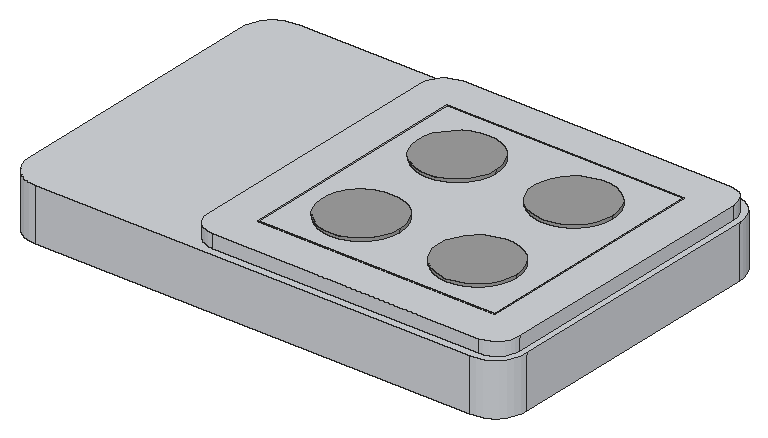
Revit family "LigULing-Industrial-GEWISS-SMART[4]UL_HIGHBAYS-LED_1M", category Apparecchi per illuminazione, Revit 2019
Family settings
  Quota connettore circolare = Usa diametro
  Tipo di parte = Normale
  Numero OmniClass = 23.80.00.00
  Titolo OmniClass = Electric Power and Lighting
  Basato su piano di lavoro = Sì
  Sempre verticale = No
  Taglio con vuoti quando caricato = No
  Sorgente d'illuminazione = No
  Condiviso = No
  Punto di calcolo locali = No
Parameters (values of type "GWS4120GP857 - SMART4LB 1M ST.AL.ON/OFF UL 90° 57K")
  Wiring = "Single wiring with anti-breathing cable exiting metallic PG (NO Connector)"
  Weight (kg): = "3,5"
  Warranty = "5 years"
  Voltaggio = 230 V
  Vetro acceso = Lampada accesa
  Version file RFA = "20.11"
  Unique digital code (Datamatrix) = "Datamatrix"
  Unified Glare Rating = "UGR - 25"
  URL = "https://www.gewiss.com/ww/en"
  Type of light source = "LED - Not replaceable"
  Tilt- = "With bracket accessory"
  Technical sheet = "https://www.gewiss.com/ww/en/search?q=GWS4120GP857"
  System power = "65W"
  Supply voltage = "120-277 V"
  Stocking temperature = "-"
  Standards and approvals = "-"
  Standard- = "UL 1598 - CSA C22.2 No. 250.0-18"
  Standard Deviation Colour Matching = "SDCM = 3"
  Spostamento_Y_etichetta [instance] = 0 mm
  Spostamento_Y_effettivo_etichetta [instance] = 1500 mm - Spostamento_Y_etichetta  # 1500 mm
  Spostamento_X_etichetta [instance] = 0 mm
  Spostamento_X_effettivo_etichetta [instance] = 1500 mm - Spostamento_X_etichetta  # 1500 mm
  Shock resistance = "IK08"
  Shield type = "Tempered glass Thickness 4mm"
  SEO = ""
  Realized by GEWISS S.p.A. = ""
  Rated frequency (Hz) = "50/60 Hz"
  Produttore = "GEWISS S.p.A."
  Photobiological Risk Class = "RG0"
  Overvoltage protection = "DM 6 kV / CM 10 kV"
  Optic and illuminating features = "-"
  Optic Maintenance = "Non-replaceable"
  Optic : = "Metallic PC reflector and PMMA lenses"
  Optic = "90°"
  Operating temperature : = "-25°C / +40 °C"
  Offset etichetta W [instance] = 120 mm
  Mouting and installation = "Ceiling - Wallmounting - Suspension"
  Model = "GWS4120GP857"
  Maximum surface exposed to the wind : = "0,097 m²"
  Materials = "-"
  Luminaire = "LED Industrial Reflector "
  Lumen output (lm) = "9100"
  Locking Hook = "-"
  Lifetime = "L90B10 (Tq+25°C) = 100.000 h - L90B10 (Tq+40°C) = 50.000 h"
  Lampada = "LED"
  LED Maintenance = "Non-replaceable"
  Insulation class = "I"
  Installationa and maintenance = "-"
  Immagine tipo = GWL1071.jpg
  IPEA = "-"
  IP degree = "IP66"
  IFC.TypeObject = ""
  IFC.ExportType = ""
  IFC.ExportAs = ""
  IDT = "510f01894ba548e3aae17db348ab79c9"
  IDF = "71f814ec-73e0-404d-83ff-d37e06ec48dc"
  Glow Wire Test : = "850 °C"
  General information = "-"
  Gasket = "anti-aging silicone"
  Fixing = "-"
  External screw = "Stainless steel"
  Etichetta wattaggio [instance] = yes
  Default Elevation = 1219.2 mm
  Trasformatore = none
  Spessore plafoniera = 40 mm  # constant formula
  Proiettsmart [instance] = yes
  Raggio led = 30 mm  # constant formula
  Plafoniera = none
  Eletrical and lighting features = "-"
  Electrocod = "2444"
  Efficiency (lm/W) = "140"
  Driver Box = "Built-in"
  Driver = "Included"
  Device with reduced surface temperature = "Yes"
  Description = "SMART[4]LB 1M ST.AL.ON/OFF UL 90° 57K"
  DIN 18032-3 certification = "-"
  Control System : = "ON / OFF"
  Control System = "ON / OFF"
  Context = "Logistics and industrial manufacturing lighting"
  Commenti sul wattaggio = "50W"
  Colour temperature = "5700K"
  Colour : = "Grey RAL 7035"
  Colour = "Grey RAL 7035"
  Color Rendering Index = "CRI-80"
  Classificazione = Lighting
  Classification: = "-"
  Catalogue = "LIGHTING"
  Carico apparente = 50 VA
  Motore = none
  Lunghezza = 383 mm  # constant formula
  Larghezza = 253 mm  # constant formula
  Distanza tot_plafoniera = 74 mm  # constant formula
  Dettaglio bidimensionale attivo [instance] = not(Proiettsmart)  # no
  COBie.Tagnumber = ""
  COBie.CreatedOn = ""
  COBie.CreatebBy = ""
  COBie.ComponentRegisterItemID = ""
  COBie.Component.TagNumber = ""
  COBie.Component.Space = ""
  COBie.Component.SerialNumber = ""
  COBie.Component.InstallationDate = ""
  COBie.Component.Description = ""
  COBie.Component.BarCode = ""
  Body = "PA6 \"Halogen Free\" loaded fibreglass"
  Application = "Internal"
Types (6, lengths in mm): name | Unified Glare Rating | Technical sheet | SEO | Optic : | Optic | Model | Lumen output (lm) | IDT | Efficiency (lm/W) | Description | Colour temperature
  GWS4120GH840 - SMART4LB 1M ST.AL.ON/OFF UL 60° 40K | "UGR - 25" | "https://www.gewiss.com/ww/en/search?q=GWS4120GH840" | "" | "Metallic PC reflector and PMMA lenses" | "60°" | "GWS4120GH840" | "9000" | "ebd1c6c3f79b442cb0017b978c53287d" | "138" | "SMART[4]LB 1M ST.AL.ON/OFF UL 60° 40K" | "4000K"
  GWS4120GH857 - SMART4LB 1M ST.AL.ON/OFF UL 60° 57K | "UGR - 25" | "https://www.gewiss.com/ww/en/search?q=GWS4120GH857" | "" | "Metallic PC reflector and PMMA lenses" | "60°" | "GWS4120GH857" | "9000" | "7e41ab3992744e638de87d18b71cdc15" | "138" | "SMART[4]LB 1M ST.AL.ON/OFF UL 60° 57K" | "5700K"
  GWS4120GP840 - SMART4LB 1M ST.AL.ON/OFF UL 90° 40K | "UGR - 25" | "https://www.gewiss.com/ww/en/search?q=GWS4120GP840" | "" | "Metallic PC reflector and PMMA lenses" | "90°" | "GWS4120GP840" | "9100" | "4c23139a13e449859e34885c36cde3e1" | "140" | "SMART[4]LB 1M ST.AL.ON/OFF UL 90° 40K" | "4000K"
  GWS4120GP857 - SMART4LB 1M ST.AL.ON/OFF UL 90° 57K | "UGR - 25" | "https://www.gewiss.com/ww/en/search?q=GWS4120GP857" | "" | "Metallic PC reflector and PMMA lenses" | "90°" | "GWS4120GP857" | "9100" | "510f01894ba548e3aae17db348ab79c9" | "140" | "SMART[4]LB 1M ST.AL.ON/OFF UL 90° 57K" | "5700K"
  GWS4120GA840 - SMART4LB 1M ST.AL.ON/OFF UL ARR.40K | "-" | "https://www.gewiss.com/ww/en/search?q=GWS4120GA840" | "Low bay" | "Metallized polycarbonate reflector" | "Array" | "GWS4120GA840" | "8900" | "d106dacd27c24dfc9d8a4d950c89b820" | "137" | "SMART[4]LB 1M ST.AL.ON/OFF UL ARR.40K" | "4000K"
  GWS4120GA857 - SMART4LB 1M ST.AL.ON/OFF UL ARR.57K | "-" | "https://www.gewiss.com/ww/en/search?q=GWS4120GA857" | "Low bay" | "Metallized polycarbonate reflector" | "Array" | "GWS4120GA857" | "8900" | "d6e915abd97841d0a3fdcc84bbd4b3bc" | "137" | "SMART[4]LB 1M ST.AL.ON/OFF UL ARR.57K" | "5700K"
Reference planes
  plane 1 "Centro (Fronte/Retro)": y = 0
  plane 2: z = 0
  plane 3 "Centro (Sinistra/Destra)": x = 0
  plane 4: x = -191.5
  plane 5: y = 126.5
  plane 6: x = 191.5
  plane 7: y = -126.5
  plane 8: z = -74
  plane 9: x = -175.5
  plane 10: y = -110.5
  plane 11: y = 110.5
  plane 12: x = -60.5
  plane 13: y = 121.5
  plane 14: x = 186.5
  plane 15: y = -120
  plane 16: z = 74
  plane 17: z = 84
  plane 18: z = 86
  plane 19: x = -1500
  plane 20: y = -1500
  plane 21: x = 0
  plane 22: y = 0
Dimensions and locks
  equal spacing: plane 5, plane 1 "Centro (Fronte/Retro)", plane 7
  equal spacing: plane 4, plane 3 "Centro (Sinistra/Destra)", plane 6
  "Lunghezza": plane 4 to plane 6
  "Larghezza": plane 5 to plane 7
  locked: plane 14 to plane 6 at 5
  locked: plane 5 to plane 13 at 5
  nested 3 to plane 8 = 133.058 mm
  locked: plane 4 to plane 9 at 16
  "Offset etichetta W": plane 1 "Centro (Fronte/Retro)" to plane 15
  "Distanza tot_plafoniera": plane 16 to level
  locked: plane 18 to plane 17 at 2
  plane 19 to plane 3 "Centro (Sinistra/Destra)" = 1500 mm
  plane 1 "Centro (Fronte/Retro)" to plane 20 = 1500 mm
  "Spostamento_Y_effettivo_etichetta": plane 22 to plane 20
  "Spostamento_X_effettivo_etichetta": plane 19 to plane 21
  aligned and locked: level to plane 2
  aligned and locked: plane 4 to nested 1
  aligned and locked: plane 6 to nested 1
  aligned and locked: plane 5 to nested 1
  aligned and locked: plane 7 to nested 1
  aligned and locked: plane 14 to nested 2
  aligned and locked: plane 1 "Centro (Fronte/Retro)" to nested 10
  aligned and locked: nested 3 to plane 2
  aligned and locked: plane 16 to nested 1
  aligned and locked: plane 1 "Centro (Fronte/Retro)" to nested 8
  aligned and locked: plane 1 "Centro (Fronte/Retro)" to nested 1
  aligned and locked: plane 1 "Centro (Fronte/Retro)" to nested 2
  aligned and locked: nested 2 to plane 16
  aligned and locked: nested 4 to plane 18
  aligned and locked: plane 18 to nested 6
  aligned and locked: nested 7 to plane 18
  aligned and locked: plane 18 to nested 5
  aligned and locked: nested 9 to plane 22
  aligned and locked: plane 21 to nested 9
Nested families
  nested 1: "Struttura_SMART[4] LB - 2+2 L" at (0, 0, 74), type "SMART Lab (4) 4L"
  nested 2: "mascherina_SMART (4)" at (66.5, 0, 84), type "Maschera_smart (4) 4L", detail levels medium+fine
  nested 3: "Staffa SMART LAB 4" at (65, -20, 59.058) x (0, 1, 0) z (0, 0, -1), type "Staffa SMART LAB 4", detail levels medium+fine
  nested 4: "Gewis - Led" at (20.25, 44.75, 86), type "Gewis - Led", detail levels fine
  nested 5: "Gewis - Led" at (109.75, 44.75, 86) x (-1, 0, 0) z (0, 0, 1), type "Gewis - Led", detail levels fine
  nested 6: "Gewis - Led" at (20.25, -47.75, 86), type "Gewis - Led", detail levels fine
  nested 7: "Gewis - Led" at (109.75, -47.75, 86) x (-1, 0, 0) z (0, 0, 1), type "Gewis - Led", detail levels fine
  nested 8: "Rappr_bidimensionale_SMART[4] LB 4L" at (40, 0, 0), visible <- "Dettaglio bidimensionale attivo", type "SMART[4] LB 4L_bidimensionalerfa"
  nested 9: "ETICHETTA LIGHT" at (0, 0, 0), visible <- "Etichetta wattaggio", type "ETICHETTA LIGHT"
  nested 10: "PROIETTSMART " at (-32.162, 0, 0), visible <- "Proiettsmart", type "PROIETTSMART "
Connectors
  electrical at (0.009, -0.098, 34), driven by "Classificazione", driven by "Carico apparente"
    settings: on nested 1, index 1, voltage 230 V, apparent load 0 VA, apparent load phase1 50 VA, apparent load phase2 0 VA, apparent load phase3 0 VA, power factor 1, load classification "Lighting", number of poles 2, system type 31, power factor state 1, is connector primary yes, connector utility no, sub classification motor no, connector description ""
Definition of nested family "Struttura_SMART[4] LB - 2+2 L"
  Parameters (values of type "SMART Lab (4) 4L")
    Struttura plafoniera = none
    Spessore_plafoniera = 40 mm
    Lunghezza = 383 mm
    Larghezza = 253 mm
  Reference planes
    plane 1 "Asse sorgente illuminazione (F/B)": y = 0
    plane 2: z = 0
    plane 3 "Asse sorgente illuminazione (L/R)": x = 0
    plane 4 "Prospetto sorgente di illuminazione": z = -40
    plane 5 "SX": x = -191.5
    plane 6 "DX": x = 191.5
    plane 7 "DIETRO": y = 126.5
    plane 8 "AVANTI": y = -126.5
    plane 9: x = -51.5
    plane 10: x = 180.5
    plane 11: y = -115.5
    plane 12: y = 115.5
    plane 13: x = -180.5
    plane 14: x = 51.5
  Forms (mm)
    Extrusion 1, solid, material <- "Struttura plafoniera"
      sketch origin (0, 0, 0) x (1, 0, 0) y (0, 1, 0)
        loop
          line (191.5, -102.095) -> (191.5, 102.09)
          arc (191.5, 102.09) -> (184.35, 119.35) -> (167.09, 126.5) r 24.41
          line (167.09, 126.5) -> (-167.009, 126.5)
          arc (-167.009, 126.5) -> (-184.554, 119.1) -> (-191.5, 101.371) r 24.499
          line (-191.5, 101.371) -> (-191.5, -102.092)
          arc (-191.5, -102.092) -> (-184.351, -119.351) -> (-167.092, -126.5) r 24.408
          line (-167.092, -126.5) -> (167.117, -126.5)
          arc (167.117, -126.5) -> (184.334, -119.368) -> (191.465, -102.152) r 24.348
      from -40 to 0
  Dimensions and locks
    equal spacing: plane 5 "SX", plane 3 "Asse sorgente illuminazione (L/R)", plane 6 "DX"
    equal spacing: plane 7 "DIETRO", plane 1 "Asse sorgente illuminazione (F/B)", plane 8 "AVANTI"
    "Lunghezza": plane 5 "SX" to plane 6 "DX"
    "Larghezza": plane 7 "DIETRO" to plane 8 "AVANTI"
    locked: plane 7 "DIETRO" to plane 12 at 11
    locked: plane 11 to plane 8 "AVANTI" at 11
    locked: plane 10 to plane 6 "DX" at 11
    locked: plane 9 to plane 10 at 232
    plane 13 to plane 14 = 232 mm
    locked: plane 5 "SX" to plane 13 at 11
    "Spessore_plafoniera": plane 2 to plane 4 "Prospetto sorgente di illuminazione"
    aligned and locked: level to plane 2
    aligned and locked: Extrusion 1 to plane 5 "SX"
    aligned and locked: Extrusion 1 to plane 8 "AVANTI"  (x2)
    aligned and locked: plane 7 "DIETRO" to Extrusion 1
    aligned and locked: plane 6 "DX" to Extrusion 1
    aligned and locked: plane 4 "Prospetto sorgente di illuminazione" to Extrusion 1
    aligned and locked: plane 2 to Extrusion 1
  Automatic sketch dimensions
    Extrusion 1 sketch curve to plane 5 "SX" = 0 mm
    Extrusion 1 sketch curve to plane 8 "AVANTI" = 0 mm
    Extrusion 1 sketch curve to plane 7 "DIETRO" = 0 mm
    Extrusion 1 sketch curve to plane 6 "DX" = 0 mm
    plane 13 to Extrusion 1 sketch curve = 13.408 mm
    plane 13 to Extrusion 1 sketch curve = 13.491 mm
    Extrusion 1 sketch curve to plane 10 = 13.41 mm
    Extrusion 1 sketch curve to plane 10 = 13.383 mm
    plane 11 to Extrusion 1 sketch curve = 13.348 mm
    Extrusion 1 sketch curve to plane 12 = 14.129 mm
    Extrusion 1 sketch curve to Extrusion 1 sketch curve = 0.056 mm
Definition of nested family "mascherina_SMART (4)"
  Parameters (values of type "Maschera_smart (4) 4L")
    Spessore_mascherina = 10 mm
    Default Elevation = 1219.2 mm
    N.intarsi = (Lunghezza_mascherina - (Bordo * 2)) / 15 mm  # 12
    N._intarsi verticale = (Larghezza_mascherina - (Bordo * 2)) / 17 mm  # 11
    Mascherina = none
    Lunghezza_mascherina = 240 mm
    Larghezza_mascherina = 240 mm
    Distanza_intarsi v. = 41 mm  # constant formula
    Distanza_intarsi = 37 mm  # constant formula
    Bordo = 29 mm
  Reference planes
    plane 1 "Centro (Fronte/Retro)": y = 0
    plane 2: z = 0
    plane 3 "Centro (Sinistra/Destra)": x = 0
    plane 4: x = -120
    plane 5 "Dietro": y = 120
    plane 6: x = 120
    plane 7: y = -120
    plane 8: x = -91
    plane 9: y = -91
    plane 10: x = 91
    plane 11: y = 91
    plane 12: x = -83
    plane 13: y = 94.742
    plane 14: y = -95
    plane 15: z = -10
    plane 16: x = -95
    plane 17: y = 79
    plane 18: y = -79
    plane 19: x = 95
    plane 20: z = -4.799
  Forms (mm)
    Extrusion 1, solid, material <- "Mascherina"
      sketch origin (0, 0, 0) x (1, 0, 0) y (0, 1, 0)
        loop
          arc (-102.5, 120) -> (-114.874, 114.874) -> (-120, 102.5) r 17.5
          line (-120, 102.5) -> (-120, -102.5)
          arc (-120, -102.5) -> (-114.874, -114.874) -> (-102.5, -120) r 17.5
          line (-102.5, -120) -> (102.5, -120)
          arc (102.5, -120) -> (114.874, -114.874) -> (120, -102.5) r 17.5
          line (120, -102.5) -> (120, 102.5)
          arc (120, 102.5) -> (114.874, 114.874) -> (102.5, 120) r 17.5
          line (102.5, 120) -> (-102.5, 120)
        loop
          line (-91, 91) -> (-91, -91) -> (91, -91) -> (91, 91) -> (-91, 91)
      from -10 to 0
    Extrusion 2, solid, material <- "Mascherina"
      sketch origin (0, 0, 0) x (1, 0, 0) y (0, 1, 0)
        loop
          line (-91, 91) -> (-91, -91) -> (91, -91) -> (91, 91) -> (-91, 91)
      from -4.799 to 0
  Dimensions and locks
    equal spacing: plane 4, plane 3 "Centro (Sinistra/Destra)", plane 6
    "Lunghezza_mascherina": plane 4 to plane 6
    equal spacing: plane 5 "Dietro", plane 1 "Centro (Fronte/Retro)", plane 7
    "Larghezza_mascherina": plane 5 "Dietro" to plane 7
    "Bordo": plane 4 to plane 8
    "Bordo": plane 9 to plane 7
    "Bordo": plane 5 "Dietro" to plane 11
    "Bordo": plane 10 to plane 6
    "Distanza_intarsi": plane 4 to plane 12
    locked: plane 13 to plane 11 at 3.742
    "Spessore_mascherina": plane 2 to plane 15
    "Distanza_intarsi v.": plane 5 "Dietro" to plane 17
    "Distanza_intarsi v.": plane 18 to plane 7
    locked: plane 9 to plane 14 at 4
    locked: plane 16 to plane 8 at 4
    locked: plane 10 to plane 19 at 4
    locked: plane 2 to plane 20 at 4.799
    radius of Extrusion 1 sketch curve = 17.5 mm  (x4)
    aligned and locked: level to plane 2
    aligned and locked: plane 4 to Extrusion 1 sketch curve
    aligned and locked: plane 6 to Extrusion 1 sketch curve
    aligned and locked: Extrusion 1 sketch curve to plane 5 "Dietro"
    aligned and locked: Extrusion 1 sketch curve to plane 7
    aligned and locked: Extrusion 1 sketch curve to plane 11
    aligned and locked: plane 8 to Extrusion 1 sketch curve
    aligned and locked: plane 9 to Extrusion 1 sketch curve
    aligned and locked: Extrusion 1 sketch curve to plane 10
    aligned and locked: plane 2 to Extrusion 1
    aligned and locked: Extrusion 1 to plane 15
    aligned and locked: Extrusion 2 sketch curve to plane 10
    aligned and locked: plane 9 to Extrusion 2 sketch curve
    aligned and locked: plane 8 to Extrusion 2 sketch curve
    aligned and locked: Extrusion 2 sketch curve to plane 11
    aligned and locked: plane 2 to Extrusion 2
    aligned and locked: Extrusion 2 to plane 20
Definition of nested family "Staffa SMART LAB 4"
  Parameters (values of type "Staffa SMART LAB 4")
    Staffa = none
    Default Elevation = 1219.2 mm
  Reference planes
    plane 1 "Centro (Fronte/Retro)": y = 0
    plane 2: z = 0
    plane 3 "Centro (Sinistra/Destra)": x = 0
    plane 4: y = 25
    plane 5: y = -25
    plane 6: x = -480
    plane 7: x = 480
    plane 8: z = 340
  Forms (mm)
    Extrusion 1, solid, material <- "Staffa"
      sketch origin (-19.427, 0, 0) x (1, 0, 0) y (0, 0, 1)
        loop
          line (-52.112, 0) -> (-51.312, 0) -> (-51.312, 5.038) -> (-51.312, 7.679) -> (-48.064, 11.553) -> (-48.309, 20.832)
          arc (-48.309, 20.832) -> (-48.108, 21.384) -> (-47.585, 21.651) r 0.801
          line (-47.585, 21.651) -> (-46.541, 21.744)
          arc (-46.541, 21.744) -> (-45.388, 22.346) -> (-44.998, 23.587) r 1.701
          line (-44.998, 23.587) -> (-45.225, 26.168) -> (-47.881, 28.39) -> (-47.881, 32.971) -> (-23.475, 58.058) -> (62.329, 58.058) -> (86.735, 32.971) -> (86.735, 28.39) -> (84.08, 26.168) -> (83.852, 23.587)
          arc (83.852, 23.587) -> (84.243, 22.346) -> (85.396, 21.744) r 1.701
          line (85.396, 21.744) -> (86.439, 21.651)
          arc (86.439, 21.651) -> (86.963, 21.384) -> (87.163, 20.832) r 0.801
          line (87.163, 20.832) -> (86.919, 11.553) -> (90.167, 7.679) -> (90.167, 5.038) -> (90.167, 0) -> (90.967, 0) -> (90.967, 5.038) -> (90.967, 7.979) -> (87.921, 11.618) -> (88.163, 20.806)
          arc (88.163, 20.806) -> (87.71, 22.048) -> (86.531, 22.647) r 1.801
          line (86.531, 22.647) -> (85.484, 22.74)
          arc (85.484, 22.74) -> (85.009, 22.988) -> (84.849, 23.499) r 0.701
          line (84.849, 23.499) -> (85.039, 25.667) -> (87.735, 27.923) -> (87.735, 32.876) -> (86.947, 34.187) -> (62.751, 59.058) -> (-23.897, 59.058) -> (-48.093, 34.187) -> (-48.881, 32.876) -> (-48.881, 27.923) -> (-46.185, 25.667) -> (-45.994, 23.499)
          arc (-45.994, 23.499) -> (-46.155, 22.988) -> (-46.63, 22.74) r 0.701
          line (-46.63, 22.74) -> (-47.676, 22.647)
          arc (-47.676, 22.647) -> (-48.856, 22.048) -> (-49.308, 20.806) r 1.801
          line (-49.308, 20.806) -> (-49.066, 11.618) -> (-52.112, 7.979) -> (-52.112, 5.038) -> (-52.112, 0)
      from -25 to 25
  Dimensions and locks
    equal spacing: plane 6, plane 3 "Centro (Sinistra/Destra)", plane 7
    equal spacing: plane 4, plane 1 "Centro (Fronte/Retro)", plane 5
    plane 4 to plane 5 = 50 mm
    plane 6 to plane 7 = 960 mm
    aligned and locked: level to plane 2
    aligned and locked: plane 4 to Extrusion 1
    aligned and locked: Extrusion 1 to plane 5
  Automatic sketch dimensions
    Extrusion 1 sketch curve to Extrusion 1 sketch curve = 0 mm  (x10)
    Extrusion 1 sketch curve to level = 0 mm  (x2)
    level to Extrusion 1 sketch curve = 5.038 mm
    Extrusion 1 sketch curve to plane 3 "Centro (Sinistra/Destra)" = 71.54 mm
    Extrusion 1 sketch curve to Extrusion 1 sketch curve = 0.8 mm  (x2)
    level to Extrusion 1 sketch curve = 20.806 mm  (x2)
    Extrusion 1 sketch curve to Extrusion 1 sketch curve = 2.804 mm
    level to Extrusion 1 sketch curve = 11.618 mm  (x2)
    Extrusion 1 sketch curve to Extrusion 1 sketch curve = 2.246 mm  (x2)
    Extrusion 1 sketch curve to Extrusion 1 sketch curve = 0.428 mm
    level to Extrusion 1 sketch curve = 20.832 mm  (x2)
    Extrusion 1 sketch curve to Extrusion 1 sketch curve = 1 mm  (x4)
    Extrusion 1 sketch curve to Extrusion 1 sketch curve = 0.788 mm
    level to Extrusion 1 sketch curve = 11.553 mm  (x2)
    Extrusion 1 sketch curve to Extrusion 1 sketch curve = 1.002 mm  (x2)
    level to Extrusion 1 sketch curve = 22.647 mm  (x2)
    Extrusion 1 sketch curve to Extrusion 1 sketch curve = 0.632 mm
    level to Extrusion 1 sketch curve = 21.651 mm  (x2)
    Extrusion 1 sketch curve to Extrusion 1 sketch curve = 0.092 mm  (x2)
    Extrusion 1 sketch curve to Extrusion 1 sketch curve = 0.984 mm
    level to Extrusion 1 sketch curve = 22.74 mm  (x2)
    Extrusion 1 sketch curve to Extrusion 1 sketch curve = 0.062 mm
    level to Extrusion 1 sketch curve = 21.744 mm  (x2)
    Extrusion 1 sketch curve to Extrusion 1 sketch curve = 0.088 mm
    Extrusion 1 sketch curve to Extrusion 1 sketch curve = 0.507 mm
    level to Extrusion 1 sketch curve = 23.499 mm  (x2)
    Extrusion 1 sketch curve to Extrusion 1 sketch curve = 0.698 mm  (x2)
    Extrusion 1 sketch curve to Extrusion 1 sketch curve = 0.96 mm  (x2)
    level to Extrusion 1 sketch curve = 23.587 mm  (x2)
    Extrusion 1 sketch curve to plane 3 "Centro (Sinistra/Destra)" = 43.324 mm
    Extrusion 1 sketch curve to Extrusion 1 sketch curve = 0.422 mm  (x2)
    plane 3 "Centro (Sinistra/Destra)" to Extrusion 1 sketch curve = 42.902 mm
    Extrusion 1 sketch curve to Extrusion 1 sketch curve = 21.523 mm
    level to Extrusion 1 sketch curve = 26.168 mm
    Extrusion 1 sketch curve to Extrusion 1 sketch curve = 0.227 mm
    Extrusion 1 sketch curve to Extrusion 1 sketch curve = 0.996 mm
    level to Extrusion 1 sketch curve = 25.667 mm
    Extrusion 1 sketch curve to Extrusion 1 sketch curve = 0.548 mm
    Extrusion 1 sketch curve to Extrusion 1 sketch curve = 0.966 mm
    Extrusion 1 sketch curve to Extrusion 1 sketch curve = 0.077 mm
    level to Extrusion 1 sketch curve = 28.39 mm
    Extrusion 1 sketch curve to Extrusion 1 sketch curve = 1.696 mm
    Extrusion 1 sketch curve to Extrusion 1 sketch curve = 0.557 mm
    level to Extrusion 1 sketch curve = 34.187 mm
    Extrusion 1 sketch curve to Extrusion 1 sketch curve = 0.212 mm
    Extrusion 1 sketch curve to Extrusion 1 sketch curve = 0.801 mm
    level to Extrusion 1 sketch curve = 7.679 mm
    Extrusion 1 sketch curve to Extrusion 1 sketch curve = 2.641 mm  (x2)
    Extrusion 1 sketch curve to Extrusion 1 sketch curve = 0.3 mm  (x2)
    Extrusion 1 sketch curve to Extrusion 1 sketch curve = 2.168 mm
    Extrusion 1 sketch curve to Extrusion 1 sketch curve = 0.501 mm
    Extrusion 1 sketch curve to Extrusion 1 sketch curve = 0.467 mm  (x2)
    Extrusion 1 sketch curve to Extrusion 1 sketch curve = 2.256 mm
    Extrusion 1 sketch curve to Extrusion 1 sketch curve = 4.486 mm
    Extrusion 1 sketch curve to Extrusion 1 sketch curve = 1.311 mm
    Extrusion 1 sketch curve to Extrusion 1 sketch curve = 0.095 mm  (x2)
    Extrusion 1 sketch curve to Extrusion 1 sketch curve = 1.216 mm
    Extrusion 1 sketch curve to Extrusion 1 sketch curve = 23.87 mm
Definition of nested family "Gewis - Led"
  Parameters (values of type "Gewis - Led")
    Vetro = none
    Raggio led = 30 mm
    Default Elevation = 1219.2 mm
    Estensione vetro = 3 mm
  Reference planes
    plane 1 "Centro (Fronte/Retro)": y = 0
    plane 2: z = 0
    plane 3 "Centro (Sinistra/Destra)": x = 0
  Forms (mm)
    Extrusion 1, solid, material <- "Vetro"
      sketch origin (0, 0, 0) x (1, 0, 0) y (0, 1, 0)
        loop
          circle (0, 0) r 30
      from -3 to 0
  Dimensions and locks
    "Estensione vetro": level to Extrusion 1
    "Raggio led": radius of Extrusion 1 sketch curve
    aligned and locked: level to plane 2
    aligned and locked: level to Extrusion 1
  Automatic sketch dimensions
    plane 1 "Centro (Fronte/Retro)" to Extrusion 1 sketch curve = 0 mm
    Extrusion 1 sketch curve to plane 3 "Centro (Sinistra/Destra)" = 0 mm
Definition of nested family "Rappr_bidimensionale_SMART[4] LB 4L"
  Reference planes
    plane 1 "Centro (Fronte/Retro)": y = 0
    plane 2: z = 0
    plane 3 "Centro (Sinistra/Destra)": x = 0
  Lines and regions (mm)
    model lines, in view "Livello rif."
      curve 1: circle (-20.568, 47.057, 0) r 28.619 normal (0, 0, 1)
      curve 2: circle (73.432, -46.943, 0) r 28.619 normal (0, 0, 1)
      curve 3: circle (-20.568, -46.943, 0) r 28.619 normal (0, 0, 1)
      curve 4: circle (73.432, 47.057, 0) r 28.619 normal (0, 0, 1)
      curve 5: arc (-93.068, -104.009, 0) -> (-88.529, -114.969, 0) -> (-77.568, -119.509, 0) r 15.5
      curve 6: arc (145.932, 103.991, 0) -> (141.392, 114.952, 0) -> (130.432, 119.491, 0) r 15.5
      curve 7: arc (-77.568, 119.491, 0) -> (-88.529, 114.952, 0) -> (-93.068, 103.991, 0) r 15.5
      curve 8: arc (130.432, -119.509, 0) -> (141.392, -114.969, 0) -> (145.932, -104.009, 0) r 15.5
      curve 9: arc (152.721, 103.991, 0) -> (146.196, 119.749, 0) -> (130.441, 126.281, 0) r 22.29
      curve 10: arc (130.443, -126.298, 0) -> (146.197, -119.766, 0) -> (152.721, -104.009, 0) r 22.29
      curve 11: arc (-230.358, -108, 0) -> (-225, -120.942, 0) -> (-212.058, -126.298, 0) r 18.29
      curve 12: arc (-212.077, 126.281, 0) -> (-225.001, 120.924, 0) -> (-230.358, 108, 0) r 18.29
      curve 13: line (-66.068, -92.509, 0) -> (-66.068, 92.491, 0)
      curve 14: line (-66.068, 92.491, 0) -> (118.932, 92.491, 0)
      curve 15: line (118.932, 92.491, 0) -> (118.932, -92.509, 0)
      curve 16: line (118.932, -92.509, 0) -> (-66.068, -92.509, 0)
      curve 17: line (-77.568, -119.509, 0) -> (130.432, -119.509, 0)
      curve 18: line (-77.568, 119.491, 0) -> (130.432, 119.491, 0)
      curve 19: line (-93.068, 103.991, 0) -> (-93.068, -104.009, 0)
      curve 20: line (145.932, 103.991, 0) -> (145.932, -104.009, 0)
      curve 21: line (-212.077, 126.281, 0) -> (130.441, 126.281, 0)
      curve 22: line (152.721, 103.991, 0) -> (152.721, -104.009, 0)
      curve 23: line (130.443, -126.298, 0) -> (-212.058, -126.298, 0)
      curve 24: line (-230.358, -108, 0) -> (-230.358, 108, 0)
Definition of nested family "ETICHETTA LIGHT"
  Parameters (values of type "ETICHETTA LIGHT")
    COMMENTI = "53W"
  Reference planes
    plane 1: y = 0
    plane 2: x = 0
  Text (mm)
    label "COMMENTI" at (-0.057, 0.105, 0), shows "COMMENTI"
Definition of nested family "PROIETTSMART "
  Reference planes
    plane 1 "Centro (Fronte/Retro)": y = 0
    plane 2: z = 0
    plane 3 "Centro (Sinistra/Destra)": x = 0
  Lines and regions (mm)
    model lines, in view "Livello rif."
      curve 1: line (120.593, -21.515, 0) -> (77.393, -0.008, 0)
      curve 2: line (77.393, -0.008, 0) -> (120.593, 21.758, 0)
      curve 3: line (120.593, 21.758, 0) -> (120.593, -21.515, 0)
      curve 4: line (77.393, 21.629, 0) -> (77.393, -21.645, 0)
      curve 5: line (77.393, -0.008, 0) -> (52.133, -0.008, 0)
      curve 6: line (120.593, 0.122, 0) -> (139.246, 0.122, 0)
      curve 7: line (162.162, 66.747, 0) -> (162.162, -66.747, 0)
      curve 8: line (162.162, -66.747, 0) -> (-97.838, -66.747, 0)
      curve 9: line (-97.838, -66.747, 0) -> (-97.838, 66.747, 0)
      curve 10: line (-97.838, 66.747, 0) -> (162.162, 66.747, 0)
      curve 11: line (45.772, 49.667, 0) -> (145.121, 49.667, 0)
      curve 12: line (145.121, 49.667, 0) -> (145.121, -49.683, 0)
      curve 13: line (145.121, -49.683, 0) -> (45.772, -49.683, 0)
      curve 14: line (45.772, -49.683, 0) -> (45.772, 49.667, 0)
